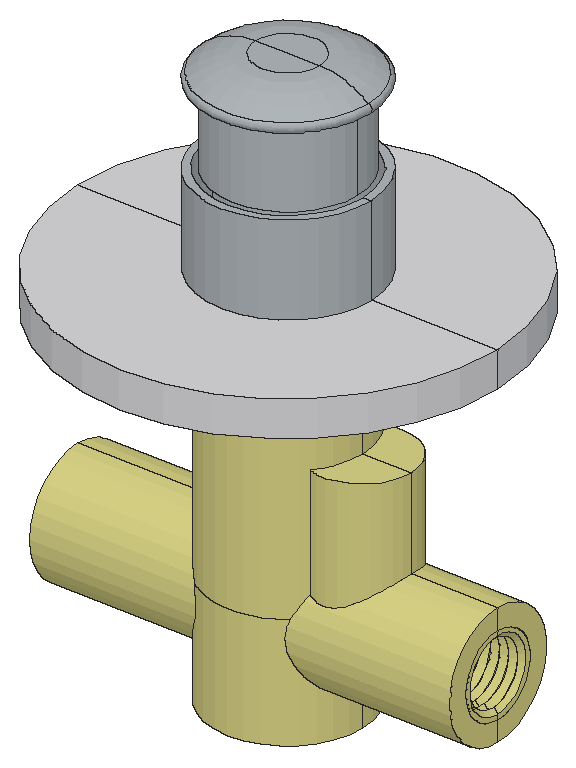
Revit family "IO-PU04-11 VALVULA ORINAL PUSH 0.5 IPF", category Plumbing Fixtures, host Face, Revit 2018
Family settings
  Host = Face
  Round Connector Dimension = Use Diameter
  Part Type = Normal
  OmniClass Number = 23.31.11.00
  Cut with Voids When Loaded = No
  Shared = No
  Room Calculation Point = No
Parameters (values of type "ID-PU04-11")
  Waste Water Outlet = ""
  Metal - ABS Cromado = Plastico - ABS Cromado
  Buje = 34.2 mm
  Metal - Acero inoxidable = Metal - Acero inoxidable
  Link Ficha Tecnica = "http://infotecnica.gricol.com/FT_IOPU0411.pdf"
  Waste Connection = 1 = 0  # no
  Vent Connection = 1 = 0  # no
  URL = "https://www.gricol.com/"
  Type Image = VALVULA ORINAL PUSH 0.5 IPF.jpg
  Product Name = "VALVULA ORINAL PUSH 0.5 IPF"  # constant formula
  Model = "ID-PU04-11"  # constant formula
  Manufacturer = "Gricol"  # constant formula
  HW Connection = 1 = 1  # yes
  Description = "Valvula"  # constant formula
  Default Elevation = 0.0 mm
  Date Modified = ""
  Date Created = "05/28/2020"  # constant formula
  Copyright = "All rights reserved © Gricol - 2020."  # constant formula
  Laton = Laton
  CW Connection = 1 = 1  # yes
  Assembly Code = ""
  Ancho. = 118.5 mm
  Alto = 86.0 mm
Reference planes
  plane 1 "Center (Front/Back)": y = 0
  plane 2: x = 43
  plane 3 "Center (Left/Right)": x = 0
  plane 4: x = -17.1
  plane 5: x = 17.1
  plane 6: x = -43
  plane 7: x = -6.35
  plane 8: x = 6.35
  plane 9: z = -19.475
  plane 10: z = 99.025
  plane 11: z = 46.567
  plane 12: z = -71.933
Text (mm)
  text "1/2\" NPT" at (-114.006, 0, -43.552), in view "Front"
Dimensions and locks
  "Buje": plane 4 to plane 5
  "Alto": plane 6 to plane 2
  plane 6 to plane 2 = 86.0 mm
  "Ancho.": plane 11 to plane 12
  aligned and locked: level to host face
Automatic sketch dimensions
  host sketch curve to host sketch curve = 433.531 mm
  host sketch curve to host sketch curve = 273.88 mm
Nested families
  nested 1: "VALVULA ORINAL PUSH 0.5 IPF" at (0, -14.553, -52.458), type "VALVULA ORINAL PUSH 0.5 IPF"
Connectors
  piping at (-43, 0, -52.458), diameter 12.7
    settings: on nested 1, index 1, connector inside diameter 24", connector length 0.0 mm, flow factor 0, pipe flow 0 GPM, pressure drop 0.00 psi, fitting loss kfactor 0, connector angle 0.00°, fixture units 0, engagement length 0.0 mm, angle of deflection 0.00°, flow configuration 0, flow direction 0, fitting loss method 0, system type 20, joint type 0, gender type 0, connector reference index -1, connector utility 0, adjustable connector no, is connector primary yes, connector description ""
  piping at (43, 0, -52.458), diameter 12.7
    settings: on nested 1, index 2, connector inside diameter 24", connector length 0.0 mm, flow factor 0, pipe flow 0 GPM, pressure drop 0.00 psi, fitting loss kfactor 0, connector angle 0.00°, fixture units 0, engagement length 0.0 mm, angle of deflection 0.00°, flow configuration 0, flow direction 0, fitting loss method 0, system type 20, joint type 0, gender type 0, connector reference index -1, connector utility 0, adjustable connector no, is connector primary no, connector description ""
Definition of nested family "VALVULA ORINAL PUSH 0.5 IPF"
  Parameters (values of type "VALVULA ORINAL PUSH 0.5 IPF")
    Weight Net (Kg) = "6.60Kg"
    Waste Connection = no
    Vent Connection = no
    Type Comments = ""
    Nominal width = "370"
    Nominal height = "130"
    Model = ""
    Manufacturer = ""
    Keynote = ""
    HW Connection = no
    Cost = 0
    CW Connection = no
  Reference planes
    plane 1 "Center (Front/Back)": y = 14.553
    plane 2: z = 0
    plane 3 "Center (Left/Right)": x = 0
    plane 4: x = -43
    plane 5: y = -28.447
    plane 6: y = 57.553
    plane 7 "MARIPOSA 5": z = 99.025
    plane 8: x = -17.1
    plane 9: x = 17.1
    plane 10 "MARIPOSA 6": z = -19.475
    plane 11: x = 43
  Forms (mm)
    Revolve 1, solid
      sketch origin (0, 14.553, 55.957) x (0, 0, 1) y (-1, 0, 0)
        loop
          line (-3.499, 43) -> (-3.499, 41.448) -> (1.935, 41.448) -> (1.935, 17.1) -> (3.809, 17.1) -> (3.809, 43) -> (-3.499, 43)
        axis (-3.499, 0) -> (3.809, 0)
      angle from 0 to 360
    Revolve 2, solid
      sketch origin (0, 14.553, 55.957) x (0, 0, 1) y (-1, 0, 0)
        loop
          line (-3.499, 15.605) -> (22.064, 15.605) -> (22.064, 17.1) -> (-3.499, 17.1) -> (-3.499, 15.605)
        axis (22.064, 0) -> (-3.499, 0)
      angle from 0 to 360
    Revolve 3, solid
      sketch origin (0, 14.553, 42.275) x (0, 0, 1) y (-1, 0, 0)
        loop
          line (-50.429, 43) -> (-54.614, 43) -> (-54.614, -43) -> (-50.429, -43) -> (-50.429, -26.735) -> (-42.275, -26.735) -> (-42.275, 23) -> (-50.429, 23) -> (-50.429, 43)
        axis (-42.275, 43) -> (-42.275, -43)
      angle from 0 to 360
    Revolve 4, solid
      sketch origin (42.275, 14.553, -10.986) x (1, 0, 0) y (0, 0, 1)
        loop
          line (-57.61, 48.617) -> (-57.61, 14.717) -> (-57.61, -8.489) -> (-42.275, -8.489) -> (-42.275, 68.511) -> (-54.699, 68.511) -> (-54.699, 63.443) -> (-57.61, 63.443) -> (-57.61, 57.193) -> (-55.949, 57.193) -> (-55.949, 55.367) -> (-57.61, 55.367) -> (-55.662, 54.242) -> (-57.61, 53.117) -> (-55.662, 51.992) -> (-57.61, 50.867) -> (-55.662, 49.742) -> (-57.61, 48.617)
        axis (-42.275, 68.511) -> (-42.275, -8.489)
      angle from 0 to 360
    Revolve 5, solid
      sketch origin (-26.046, 14.553, -10.256) x (-1, 0, 0) y (0, 0, 1)
        loop
          line (-41.342, 41.179) -> (-51.342, 41.179) -> (-51.342, 10.164) -> (-41.342, 10.164) -> (-41.342, 41.179)
        axis (-41.342, 41.179) -> (-41.342, 10.164)
      angle from 0 to 360
    Revolve 6, solid
      sketch origin (0, 14.553, 52.458) x (0, 0, 1) y (-1, 0, 0)
        loop
          line (25.563, 14.355) -> (25.563, 0) -> (46.567, 0) -> (46.567, 6.537)
          arc (46.567, 6.537) -> (45.685, 11.824) -> (43.134, 16.538) r 16.283
          arc (43.134, 16.538) -> (42.105, 17.099) -> (41.178, 16.382) r 1.071
          line (41.178, 16.382) -> (41.178, 14.355) -> (25.563, 14.355)
        axis (25.563, 0) -> (46.567, 0)
      angle from 0 to 360
    Revolve 7, solid
      sketch origin (0, 14.553, 52.458) x (0, 0, 1) y (-1, 0, 0)
        loop
          line (-59.71, 43) -> (-60.612, 43) -> (-60.612, 23.234) -> (-58.808, 23.234) -> (-59.751, 24.177) -> (-58.808, 25.12) -> (-59.751, 26.063) -> (-58.808, 27.007) -> (-59.751, 27.95) -> (-58.808, 28.893) -> (-59.751, 29.836) -> (-58.808, 30.779) -> (-59.751, 31.722) -> (-58.808, 32.666) -> (-59.751, 33.609) -> (-58.808, 34.552) -> (-59.751, 35.495) -> (-58.808, 36.438) -> (-59.751, 37.381) -> (-58.808, 38.324) -> (-59.751, 39.268) -> (-58.808, 40.211) -> (-59.751, 41.154) -> (-58.808, 42.097) -> (-59.71, 43)
        axis (-52.458, 43) -> (-52.458, 23.234)
      angle from 0 to 360
    Revolve 8, solid
      sketch origin (0, 14.553, 52.458) x (0, 0, 1) y (1, 0, 0)
        loop
          line (-59.71, 43) -> (-60.612, 43) -> (-60.612, 26.735) -> (-58.808, 26.735) -> (-59.751, 27.95) -> (-58.808, 28.893) -> (-59.751, 29.836) -> (-58.808, 30.779) -> (-59.751, 31.722) -> (-58.808, 32.666) -> (-59.751, 33.609) -> (-58.808, 34.552) -> (-59.751, 35.495) -> (-58.808, 36.438) -> (-59.751, 37.381) -> (-58.808, 38.324) -> (-59.751, 39.268) -> (-58.808, 40.211) -> (-59.751, 41.154) -> (-58.808, 42.097) -> (-59.71, 43)
        axis (-52.458, 43) -> (-52.458, 26.735)
      angle from 0 to 360
  Cuts and joins
    joined: Revolve 3, Revolve 4, Revolve 5
  Text (mm)
    text "Rosca ø 1/2\" NPT" at (0, 116.697, 32.709), in view "Right"
    text "Rosca ø 3/4\" NH" at (0, -22.504, -12.52), in view "Right"
  Dimensions and locks
    plane 1 "Center (Front/Back)" to plane 5 = 43.0 mm
    plane 6 to plane 5 = 86.0 mm
    locked: plane 8 to plane 9 at 34.2
    Revolve 5 sketch curve to Revolve 5 sketch curve = 10.0 mm
    plane 7 "MARIPOSA 5" to plane 10 "MARIPOSA 6" = 118.5 mm
    cut or joined group of Revolve 3, Revolve 4, Revolve 5 to cut or joined group of Revolve 3, Revolve 4, Revolve 5 = 86.0 mm
    locked: plane 11 to plane 4 at 86
    plane 11 to plane 3 "Center (Left/Right)" = 43.0 mm
    aligned and locked: level to plane 2
